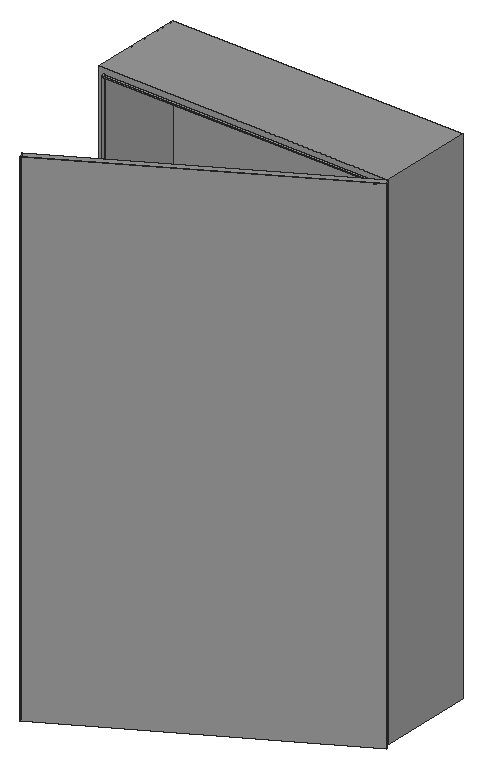
Revit family "Hager-Univers-IP55-D275-H1400-Cl.I-Steel_encl-NoHosted-PL-en", category Equipement électrique, Revit 2020
Family settings
  Configuration du panneau = Deux colonnes, circuits au sein
  Cote de connecteur circulaire = Utiliser le diamètre
  Type d'élément = Tableau de raccordement
  Basée sur le plan de construction = Oui
  Toujours verticalement = Oui
  Couper avec des vides une fois chargée = Non
  Partagée = Non
  Point de calcul de pièce = Non
Parameters (values of type "Surface mounted (plaster) IP55 W800 H1400 D275  - FR93E")
  Width Control [instance] = if([EF000008 - Width] > Min Width, [EF000008 - Width], Min Width)  # 800 mm
  Commentaires du type = [HG000003 - Range]  # "Univers"
  Thickness Door [instance] = if([EF009171 - Material plate thickness door/cover] > 3 mm, 3 mm, [EF009171 - Material plate thickness door/cover])  # 1.5 mm
  Seal Frame Offset [instance] = 17 mm  # constant formula
  Plinth Visibility [instance] = [HG000027 - Plinth height] > 0 mm  # no
  Min Width [instance] = 100 mm  # constant formula
  Min Depth [instance] = (2 * [EF009170 - Material plate thickness cabinet]) + 1 mm  # 4 mm
  Min Height [instance] = 100 mm  # constant formula
  Internal Frame Depth [instance] = (Door System Depth * 0.5)  # 9 mm
  Panel Name [instance] = ""  # (empty or 0)
  Model = ""
  HG000027 - Plinth height = 0 mm
  HG000026 - Floor standing = no
  HG000024 - Bottom section height = 600 mm
  HG000023 - Double section enclosure = no
  HG000016 - Door 3d visibility [instance] = yes
  HG000015 - Clearance visibility [instance] = no
  HG000014 - Door on the right [instance] = yes
  HG000013 - Door on the left [instance] = not([HG000014 - Door on the right])  # no
  HG000012 - Door swing angle [instance] = 30.00°
  HG000010 - Asymmetric doors = no
  HG000009 - Double swing door = no
  HG000006 - Flush mounted = no
  HG000004 - Manufacturer reference = "FR93E"
  HG000003 - Range = "Univers"
  HG000002 - With door or cover = yes
  Frame Offset Bottom [instance] = 10 mm  # constant formula
  Frame Offset [instance] = 15 mm  # constant formula
  EF015940 - Cover with overpressure release = no
  EF011959 - Degree of protection (NEMA) = ""
  EF009554 - Number of openings for flange plates = 6
  EF009212 - Cover model = "EV000116 - Closed"
  EF009171 - Material plate thickness door/cover = 1.5 mm
  EF009170 - Material plate thickness cabinet = 1.5 mm
  EF008873 - Nominal current (In) = 800 A
  EF007800 - Suitable for lightning protection = no
  EF006306 - With lock = no
  EF006244 - Transparent cover/door = no
  EF005474 - Degree of protection (IP) = "EV006420 - IP55"
  EF004464 - Type of door = "EV002646 - Single"
  EF004427 - Number of modules = 324
  EF004293 - Impact strength = "EV008784 - IK10"
  EF003532 - Suitable for outdoor use = no
  EF002950 - Width in number of modular spacings = 24
  EF001613 - Circuit integrity = "EV000494 - None"
  EF001596 - Material housing = "EV000179 - Steel"
  EF001131 - Internal depth = 275 mm
  EF001088 - Extension possible = yes
  EF000437 - Number of conduit inlets = 6
  EF000339 - Type of cover = "EV004216 - Door"
  EF000266 - Number of rows = 9
  EF000218 - Built-in depth = 0 mm
  EF000118 - With mounting plate = no
  EF000116 - RAL-number = "7035"
  EF000049 - Depth = 275 mm
  EF000040 - Height = 1400 mm
  EF000008 - Width = 800 mm
  EF000007 - Colour = "EV000270 - Grey"
  EF000003 - Mounting method = "EV000384 - Surface mounted (plaster)"
  Door System Leaf Tolerance [instance] = 1.5 mm  # constant formula
  Door System Depth [instance] = 18 mm  # constant formula
  Door Height [instance] = Height Control - [HG000027 - Plinth height]  # 1400 mm
  Description = ""
  Default Elevation = 1219.2 mm
  Connector Offset [instance] = Height Control / 2  # 700 mm
  Fabricant = "Hager"  # constant formula
  Height Control [instance] = if([EF000040 - Height] > Min Height, [EF000040 - Height], Min Height)  # 1400 mm
  Depth Control [instance] = if([EF000049 - Depth] > Min Depth, [EF000049 - Depth], Min Depth)  # 275 mm
  Bottom Top Plate Trim [instance] = 1.5 mm  # constant formula
  Plinth height Ctrl [instance] = if([HG000027 - Plinth height] > 0 mm, [HG000027 - Plinth height], 12 mm)  # 12 mm
Types (5, lengths in mm): name | Width Control | HG000010 - Asymmetric doors | HG000009 - Double swing door | HG000004 - Manufacturer reference | EF009554 - Number of openings for flange plates | EF004464 - Type of door | EF004427 - Number of modules | EF000437 - Number of conduit inlets | EF000008 - Width
  Surface mounted (plaster) IP55 W1050 H1400 D275  - FR94E | 1050 | no | yes | "FR94E" | 8 | "EV003602 - Double" | 432 | 8 | 1050
  Surface mounted (plaster) IP55 W1300 H1400 D275  - FR95E | 1300 | yes | yes | "FR95E" | 10 | "EV003602 - Double" | 540 | 10 | 1300
  Surface mounted (plaster) IP55 W300 H1400 D275  - FR91E | 300 | no | no | "FR91E" | 2 | "EV002646 - Single" | 108 | 2 | 300
  Surface mounted (plaster) IP55 W550 H1400 D275  - FR92E | 550 | no | no | "FR92E" | 4 | "EV002646 - Single" | 216 | 4 | 550
  Surface mounted (plaster) IP55 W800 H1400 D275  - FR93E | 800 | no | no | "FR93E" | 6 | "EV002646 - Single" | 324 | 6 | 800
Reference planes
  plane 1 "Center (Front/Back)": y = 0
  plane 2: z = 0
  plane 3 "Center (Left/Right)": x = 0
  plane 4: y = 0
  plane 5: y = 0
  plane 6: z = 0
  plane 7: x = -400
  plane 8: x = 400
  plane 9: x = 398.5
  plane 10: x = -398.5
  plane 11: z = 0
  plane 12: z = 1.5
  plane 13: y = -275
  plane 14: y = -1.5
  plane 15: x = 0
  plane 16: y = -257
  plane 17: y = -273.5
  plane 18: y = -255.5
  plane 19: x = -383.5
  plane 20: x = 383.5
  plane 21: z = 11.5
  plane 22: x = -383
  plane 23: x = 383
  plane 24: z = 0
  plane 25: z = 1400
  plane 26: z = 1400
  plane 27: z = 1383.5
  plane 28: z = 1398.5
Forms (mm)
  Extrusion 1, solid, material "Hager_Steel_RAL7035_Light_Grey", detail levels medium+fine
    sketch origin (-208.679, -4572, 0) x (-1, 0, 0) y (0, -1, 0)
      loop
        line (191.321, -4315) -> (-608.679, -4315) -> (-608.679, -4572) -> (191.321, -4572) -> (191.321, -4315)
    from 0 to 1400
  Extrusion 2, void
    sketch origin (-350.771, -275, 1219.2) x (1, 0, 0) y (0, 0, 1)
      loop
        line (-47.729, 179.3) -> (-47.729, -1217.7) -> (749.271, -1217.7) -> (749.271, 179.3) -> (-47.729, 179.3)
    from -19.5 to -273.5
  Extrusion 3, void
    sketch origin (-290.084, -257, 1219.2) x (1, 0, 0) y (0, 0, 1)
      loop
        line (-93.416, -1207.7) -> (673.584, -1207.7) -> (673.584, 164.3) -> (-93.416, 164.3) -> (-93.416, -1207.7)
    from 0 to -1.5
  Extrusion 4, solid, material "Hager_Steel_RAL7035_Light_Grey", visible <- "Plinth Visibility", detail levels medium+fine
    sketch origin (0, 0, 0) x (1, 0, 0) y (0, 1, 0)
      loop
        line (-400, 0) -> (-400, -257) -> (400, -257) -> (400, 0) -> (-400, 0)
    from 0 to 12 <- "Plinth height Ctrl"
  Extrusion 5, solid, material "Hager_Steel_RAL7035_Light_Grey", detail levels coarse
    sketch origin (0, 0, 0) x (1, 0, 0) y (0, 1, 0)
      loop
        line (-400, 0) -> (-400, -275) -> (400, -275) -> (400, 0) -> (-400, 0)
    from 0 to 1400 <- "Height Control"
  Sweep 6, void
    path in 3D
      loop
        line (-400, -257, 12) -> (400, -257, 12) -> (400, 0, 12) -> (-400, 0, 12) -> (-400, -257, 12)
    profile origin (-400, -128.5, 12) x (1, 0, 0) y (0, 0, 1)
      loop
        line (0, 0) -> (0, -1.5) -> (1.5, -1.5)
        arc (1.5, -1.5) -> (1.061, -0.439) -> (0, 0) r 1.5
  Extrusion 7, solid, material "Hager_Steel_RAL7035_Light_Grey", detail levels fine
    sketch origin (-400, -257, 0) x (1, 0, 0) y (0, 0, 1)
      loop
        line (16.5, 11.5) -> (783.5, 11.5) -> (783.5, 1383.5) -> (16.5, 1383.5) -> (16.5, 11.5)
      loop
        line (15, 10) -> (785, 10) -> (785, 1385) -> (15, 1385) -> (15, 10)
    from 0 to 9 <- "Internal Frame Depth"
Cuts and joins
  Extrusion 2, Extrusion 3 cuts Extrusion 1
  Sweep 6 cuts Extrusion 4
Lines and regions (mm)
  Masking region 1
    outline origin (0, 0, 0) x (1, 0, 0) y (0, 1, 0)
      loop
        line (-400, 0) -> (-400, -275) -> (400, -275) -> (400, 0) -> (-400, 0)
  Masking region 2, detail levels coarse
    outline origin (-290.084, -257, 1219.2) x (-1, 0, 0) y (0, 0, 1)
      loop
        line (-690.084, -1219.2) -> (109.916, -1219.2) -> (109.916, 180.8) -> (-690.084, 180.8) -> (-690.084, -1219.2)
  Masking region 3, detail levels coarse
    outline origin (0, 0, 0) x (0, 1, 0) y (0, 0, 1)
      loop
        line (0, 0) -> (0, 1400) -> (-275, 1400) -> (-275, 0) -> (0, 0)
  Masking region 4, visible <- "Plinth Visibility", detail levels medium+fine
    outline origin (0, 0, 0) x (0, 1, 0) y (0, 0, 1)
      loop
        line (-1.5, 12) -> (-255.5, 12)
        arc (-255.5, 12) -> (-255.939, 10.939) -> (-257, 10.5) r 1.5
        line (-257, 10.5) -> (-257, 0) -> (0, 0) -> (0, 10.5)
        arc (0, 10.5) -> (-1.061, 10.939) -> (-1.5, 12) r 1.5
  Masking region 5, detail levels medium+fine
    outline origin (0, 0, 594.038) x (0, 1, 0) y (0, 0, 1)
      loop
        line (0, -594.038) -> (0, 805.962) -> (-257, 805.962) -> (-257, -594.038) -> (0, -594.038)
  Masking region 6, detail levels medium+fine
    outline origin (-359.7, -257, 1211.883) x (-1, 0, 0) y (0, 0, 1)
      loop
        line (-759.7, -1211.883) -> (40.3, -1211.883) -> (40.3, 188.117) -> (-759.7, 188.117) -> (-759.7, -1211.883)
  Masking region 7, visible <- "Plinth Visibility", detail levels medium+fine
    outline origin (-320.334, -257, 1041.368) x (-1, 0, 0) y (0, 0, 1)
      loop
        line (-720.334, -1041.368) -> (79.666, -1041.368) -> (79.666, -1030.868)
        arc (79.666, -1030.868) -> (78.606, -1030.429) -> (78.166, -1029.368) r 1.5
        line (78.166, -1029.368) -> (-718.834, -1029.368)
        arc (-718.834, -1029.368) -> (-719.273, -1030.429) -> (-720.334, -1030.868) r 1.5
        line (-720.334, -1030.868) -> (-720.334, -1041.368)
  sketch lines
    curve 1: line (-400, 0, 12) -> (-400, -257, 12)
    curve 2: line (-400, -257, 12) -> (400, -257, 12)
    curve 3: line (400, 0, 12) -> (-400, 0, 12)
    curve 4: line (400, -257, 12) -> (400, 0, 12)
Dimensions and locks
  locked: plane 1 "Center (Front/Back)" to plane 5
  "EF009170 - Material plate thickness cabinet": plane 7 to plane 10
  "EF009170 - Material plate thickness cabinet": plane 8 to plane 9
  equal spacing: plane 7, plane 3 "Center (Left/Right)", plane 8
  "Width Control": plane 7 to plane 8
  "Depth Control": plane 4 to plane 13
  "EF009170 - Material plate thickness cabinet": plane 4 to plane 14
  "Height Control": plane 25 to level
  "HG000027 - Plinth height": plane 11 to level
  "EF009170 - Material plate thickness cabinet": plane 12 to plane 11
  "EF009170 - Material plate thickness cabinet": plane 17 to plane 13
  "EF009170 - Material plate thickness cabinet": plane 18 to plane 16
  "Frame Offset Bottom": plane 21 to plane 12
  "Frame Offset": plane 10 to plane 19
  "Frame Offset": plane 9 to plane 20
  "Door System Depth": plane 16 to plane 13
  "Seal Frame Offset": plane 7 to plane 22
  "Seal Frame Offset": plane 8 to plane 23
  "EF009170 - Material plate thickness cabinet": plane 26 to plane 28
  "Frame Offset": plane 28 to plane 27
  "Connector Offset": plane 2 to connector elem
  "Bottom Top Plate Trim": profile plane to Sweep 6 sketch curve
  "Bottom Top Plate Trim": Sweep 6 sketch curve to Sweep 6 sketch curve
  "Plinth height Ctrl": Masking region 4 sketch curve to level
  "Plinth height Ctrl": Masking region 7 sketch curve to level
  "Thickness Door": Extrusion 7 sketch curve to Extrusion 7 sketch curve  (x4)
  "Bottom Top Plate Trim": radius of Sweep 6 sketch curve
  "Bottom Top Plate Trim": radius of Masking region 4 sketch curve  (x2)
  "Bottom Top Plate Trim": radius of Masking region 7 sketch curve  (x2)
  aligned and locked: Extrusion 2 sketch curve to plane 12
  aligned and locked: Extrusion 2 sketch curve to plane 9
  aligned and locked: Extrusion 2 sketch curve to plane 10
  aligned and locked: Extrusion 2 to plane 14
  aligned and locked: Extrusion 1 sketch curve to plane 4
  aligned and locked: plane 8 to Extrusion 1 sketch curve
  aligned and locked: plane 7 to Extrusion 1 sketch curve
  aligned and locked: Extrusion 2 to plane 18
  aligned and locked: Extrusion 3 sketch curve to plane 19
  aligned and locked: plane 20 to Extrusion 3 sketch curve
  aligned and locked: Extrusion 3 to Extrusion 2
  aligned and locked: Extrusion 3 sketch curve to plane 21
  aligned and locked: plane 3 "Center (Left/Right)" to nested 1
  aligned and locked: Extrusion 1 sketch curve to plane 16
  aligned and locked: Extrusion 4 sketch curve to cut or joined group of Extrusion 1, Extrusion 2, Extrusion 3
  aligned and locked: Masking region 1 sketch curve to plane 7
  aligned and locked: Masking region 1 sketch curve to plane 5
  aligned and locked: Masking region 1 sketch curve to plane 8
  aligned and locked: Masking region 2 sketch curve to level
  aligned and locked: level to Masking region 3 sketch curve
  aligned and locked: plane 1 "Center (Front/Back)" to Masking region 3 sketch curve
  aligned and locked: plane 13 to Masking region 3 sketch curve
  aligned and locked: plane 5 to Masking region 4 sketch curve
  aligned and locked: Masking region 2 sketch curve to plane 8
  aligned and locked: Masking region 2 sketch curve to plane 7
  aligned and locked: plane 7 to nested 2
  aligned and locked: nested 2 to plane 5
  aligned and locked: plane 5 to Masking region 5 sketch curve
  aligned and locked: plane 26 to Masking region 5 sketch curve
  aligned and locked: Extrusion 5 sketch curve to plane 8
  aligned and locked: Extrusion 5 sketch curve to plane 7
  aligned and locked: Extrusion 5 sketch curve to plane 5
  aligned and locked: Extrusion 3 sketch curve to plane 27
  aligned and locked: Extrusion 2 sketch curve to plane 28
  aligned and locked: Masking region 2 to plane 25
  aligned and locked: Extrusion 4 to plane 16
  aligned and locked: profile plane to Sweep 6 sketch curve
  aligned and locked: Masking region 5 sketch curve to plane 24
  aligned and locked: level to Masking region 4 sketch curve
  aligned and locked: Masking region 1 to plane 13
  aligned and locked: nested 1 to plane 16
  aligned and locked: Masking region 3 to plane 25
  aligned and locked: plane 16 to Masking region 4 sketch curve
  aligned and locked: Masking region 5 sketch curve to plane 16
  aligned and locked: plane 24 to plane 11
  aligned and locked: plane 26 to plane 25
  aligned and locked: plane 26 to cut or joined group of Extrusion 1, Extrusion 2, Extrusion 3
  aligned and locked: nested 1 to plane 24
  aligned and locked: Extrusion 1 to Extrusion 3
  aligned and locked: Masking region 6 sketch curve to plane 8
  aligned and locked: Masking region 6 sketch curve to plane 24
  aligned and locked: Masking region 6 sketch curve to plane 7
  aligned and locked: Masking region 6 sketch curve to plane 26
  aligned and locked: Masking region 7 sketch curve to plane 7
  aligned and locked: level to Masking region 7 sketch curve
  aligned and locked: Masking region 7 sketch curve to plane 8
  aligned and locked: Extrusion 7 sketch curve to cut or joined group of Extrusion 1, Extrusion 2, Extrusion 3  (x4)
Automatic sketch dimensions
  plane 19 to Extrusion 3 sketch curve = 0 mm
  Extrusion 3 sketch curve to plane 20 = 0 mm
  Extrusion 3 sketch curve to plane 21 = 0 mm
  Extrusion 4 sketch curve to plane 7 = 0 mm
  Extrusion 4 sketch curve to plane 8 = 0 mm
  Extrusion 4 sketch curve to plane 16 = 0 mm
  Masking region 1 sketch curve to plane 13 = 0 mm
  Masking region 2 sketch curve to plane 25 = 0 mm
  Masking region 3 sketch curve to plane 25 = 0 mm
  Extrusion 5 sketch curve to plane 13 = 0 mm
  profile plane to Sweep 6 sketch curve = 0 mm
Nested families
  nested 1: "EC000058_Univers_Door" at (0, -257, 0), Double <- "HG000009 - Double swing door", Transparent <- "EF006244 - Transparent cover/door", Angle <- "HG000012 - Door swing angle", Door_Right <- "HG000014 - Door on the right", Assymetrical <- "HG000010 - Asymmetric doors", Door <- "HG000002 - With door or cover", Width_Ctrl <- "Width Control", 3d_Door <- "HG000016 - Door 3d visibility", Clearance <- "HG000015 - Clearance visibility", Door_Left <- "HG000013 - Door on the left", Width <- "Width Control", Door_Depth <- "Door System Depth", Leaf_Tolerance <- "Door System Leaf Tolerance", Height <- "Door Height", Lock_Visibility <- "EF006306 - With lock", Thickness <- "Thickness Door", type "EC000058_Univers_Door", detail levels medium+fine
    with min_wh 4 mm, Width_Ctrl 800 mm, Width 800 mm, Transparent no, Thickness 1.5 mm, Seal_Material Hager_Rubber, Lock_Visibility no, Lock_Material Hager_Plastic_RAL9005_Jet_Black, Leaf_Width 800 mm, Leaf_Tolerance_External_Sides 0 mm, Leaf_Tolerance 1.5 mm, Leaf_Offset 0 mm, Leaf_Height 1397 mm, Leaf_2_Width 800 mm, Leaf_2_Offset 400 mm, Leaf_1_Width 800 mm, Leaf_1_Offset 400 mm, Height_Ctrl 1400 mm, Height 1400 mm, Glass_Material Hager_Glass, Double_Clearance_Ctrl no, Double no, Door_Right_Ctrl yes, Door_Right yes, Door_Material Hager_Steel_RAL7035_Light_Grey, Door_Left_Ctrl no, Door_Left no, Door_Depth 18 mm, Door yes, Clearance_Material Hager_Clearance, Clearance_Depth 800 mm, Clearance_Ctrl no, Clearance no, Assymetrical no, Angle 30.00°, 3d_Door yes
  nested 2: "Hager_Enclosure_Symbol" at (-400, 0, 0), Height <- "Depth Control", Width <- "Width Control", type "Hager_Enclosure_Symbol"
    with Width_Ctrl 800 mm, Width 800 mm, Height_Ctrl 275 mm, Height 275 mm, A_Width_Int 18.047 mm, A_Width 216.562 mm, A_Height_Ctrl 240.625 mm, A_Height 240.625 mm
Connectors
  electrical at (0, 0, 700)
    settings: on plane 1 "Center (Front/Back)", index 1, voltage 0 V, apparent load 0 VA, apparent load phase1 0 VA, apparent load phase2 0 VA, apparent load phase3 0 VA, power factor 1, load classification "Other", number of poles 1, system type 30, power factor state 1, is connector primary yes, connector utility no, sub classification motor no, connector description ""
Definition of nested family "EC000058_Univers_Door"
  Parameters (values of type "EC000058_Univers_Door")
    min_wh [instance] = (2 * Thickness) + 1 mm  # 11 mm
    Width_Ctrl [instance] = 400 mm
    Width [instance] = 500 mm
    Transparent [instance] = yes
    Thickness [instance] = 5 mm
    Seal_Material [instance] = none
    Lock_Visibility [instance] = yes
    Lock_Material [instance] = none
    Leaf_Width [instance] = if((Width_Ctrl - 2 * Leaf_Tolerance_External_Sides) > 0 mm, (Width_Ctrl - 2 * Leaf_Tolerance_External_Sides), min_wh)  # 400 mm
    Leaf_Tolerance_External_Sides [instance] = 0 mm  # constant formula
    Leaf_Tolerance [instance] = 1.5 mm
    Leaf_Offset [instance] = 0 mm  # constant formula
    Leaf_Height [instance] = if((Height_Ctrl - 2 * Leaf_Tolerance) > 0 mm, (Height_Ctrl - 2 * Leaf_Tolerance), min_wh)  # 497 mm
    Leaf_2_Width [instance] = if(and(and(Double, Assymetrical), Door_Left), (Leaf_Width / 3) - (Leaf_Tolerance / 2), if(and(and(Double, Assymetrical), Door_Right), (Leaf_Width / 3) * 2 - (Leaf_Tolerance / 2), if(and(Double, not(Assymetrical)), (Leaf_Width / 2) - Leaf_Tolerance, Leaf_Width)))  # 400 mm
    Leaf_2_Offset [instance] = if(and(Double, Assymetrical), Leaf_2_Width / 2, if(and(Double, not(Assymetrical)), Leaf_Width / 4, Leaf_Width / 2))  # 200 mm
    Leaf_1_Width [instance] = if(and(and(Double, Assymetrical), Door_Right), (Leaf_Width / 3) - (Leaf_Tolerance / 2), if(and(and(Double, Assymetrical), Door_Left), (Width / 3) * 2 - (Leaf_Tolerance / 2), if(and(Double, not(Assymetrical)), (Leaf_Width / 2) - Leaf_Tolerance, Leaf_Width)))  # 400 mm
    Leaf_1_Offset [instance] = if(and(Double, Assymetrical), Leaf_1_Width / 2, if(and(Double, not(Assymetrical)), Leaf_Width / 4, Leaf_Width / 2))  # 200 mm
    Height_Ctrl [instance] = if(Height > min_wh, Height, min_wh)  # 500 mm
    Height [instance] = 500 mm
    Glass_Material [instance] = none
    Double_Clearance_Ctrl [instance] = and(Double, Clearance)  # no
    Double [instance] = no
    Door_Right_Ctrl [instance] = and(or(Door_Right, Double), Door)  # yes
    Door_Right [instance] = yes
    Door_Material [instance] = none
    Door_Left_Ctrl [instance] = and(or(Door_Left, Double), Door)  # no
    Door_Left [instance] = no
    Door_Depth [instance] = 30 mm
    Door [instance] = yes
    Default Elevation = 1219.2 mm
    Clearance_Material [instance] = none
    Clearance_Depth [instance] = if(Leaf_1_Width > Leaf_2_Width, Leaf_1_Width, Leaf_2_Width)  # 400 mm
    Clearance_Ctrl [instance] = and(not(Double), Clearance)  # yes
    Clearance [instance] = yes
    Assymetrical [instance] = yes
    Angle [instance] = 30.00°
    3d_Door [instance] = yes
  Reference planes
    plane 1 "Center (Front/Back)": y = 0
    plane 2 "Bottom": z = 0
    plane 3 "Center (Left/Right)": x = 0
    plane 4: z = 500
    plane 5: x = -200
    plane 6: x = 200
    plane 7: z = 500
    plane 8: x = -200
    plane 9: z = 0
    plane 10: x = 200
    plane 11: y = 0
    plane 12: z = 1.5
    plane 13: x = -600
    plane 14: y = -400
    plane 15: x = 600
    plane 16: x = 0
    plane 17: x = 0
    plane 18: x = -200
    plane 19: x = 200
    plane 20: z = 498.5
  Forms (mm)
    Extrusion 1, solid, material <- "Clearance_Material", visible <- "Double_Clearance_Ctrl"
      sketch origin (1200, 0, 0) x (1, 0, 0) y (0, 0, -1)
        loop
          line (-1800, -498.5) -> (-600, -498.5) -> (-600, 0) -> (-1800, 0) -> (-1800, -498.5)
      from 0 to -400
  Dimensions and locks
    equal spacing: plane 5, plane 3 "Center (Left/Right)", plane 6
    "Width_Ctrl": plane 5 to plane 6
    "Leaf_Offset": plane 5 to plane 8
    "Leaf_Offset": plane 6 to plane 10
    "Leaf_Offset": plane 9 to level
    "Leaf_Offset": plane 4 to plane 7
    "Height_Ctrl": plane 4 to level
    "Leaf_Tolerance": plane 12 to plane 9
    locked: plane 11 to plane 1 "Center (Front/Back)"
    "Leaf_1_Offset": plane 18 to plane 16
    "Leaf_2_Offset": plane 17 to plane 19
    "Leaf_1_Width": plane 13 to plane 8
    "Leaf_2_Width": plane 10 to plane 15
    "Clearance_Depth": plane 14 to plane 1 "Center (Front/Back)"
    "Leaf_Tolerance_External_Sides": plane 8 to plane 18
    "Leaf_Tolerance_External_Sides": plane 19 to plane 10
    "Leaf_Tolerance": plane 7 to plane 20
    aligned and locked: level to plane 2 "Bottom"
    aligned and locked: nested 1 to plane 16
    aligned and locked: nested 2 to plane 17
    aligned and locked: Extrusion 1 to plane 13
    aligned and locked: plane 15 to Extrusion 1
    aligned and locked: Extrusion 1 to plane 14
    aligned and locked: plane 12 to nested 1
    aligned and locked: nested 2 to plane 12
    aligned and locked: Extrusion 1 to plane 11
    aligned and locked: plane 20 to Extrusion 1
    aligned and locked: nested 2 to plane 11
    aligned and locked: nested 1 to plane 11
  Automatic sketch dimensions
    Extrusion 1 sketch curve to level = 0 mm
    plane 5 to Extrusion 1 sketch curve = 400 mm
    plane 6 to Extrusion 1 sketch curve = 400 mm
    Extrusion 1 sketch curve to plane 4 = 1.5 mm
  Nested families
    nested 1: "EC000058_Univers_Door_Leaf" at (0, 0, 1.5), Width <- "Leaf_1_Width", visible <- "Door_Left_Ctrl", Leaf_Height <- "Leaf_Height", Angle <- "Angle", 3d_Door <- "3d_Door", Transparent <- "Transparent", Clearance Material <- "Clearance_Material", Clearance <- "Clearance_Ctrl", Door_Material <- "Door_Material", Glass_Material <- "Glass_Material", Door_Depth <- "Door_Depth", Lock_Material <- "Lock_Material", Seal_Material <- "Seal_Material", Lock_Visibility <- "Lock_Visibility", Thickness <- "Thickness", type "EC000058_Univers_Door_Leaf"
      with Width 400 mm, Transparent_Glass_Offset 30 mm, Transparent_Ctrl yes, Transparent yes, Thickness 5 mm, Standard no, Seal_Material none, Seal_D2 8 mm, Seal_D1 1 mm, Offset_Internal_Frame 10 mm, Lock_Width 20 mm, Lock_Visibility_3d yes, Lock_Visibility yes, Lock_Thickness_3 3 mm, Lock_Thickness_2 1 mm, Lock_Thickness_1 3 mm, Lock_Radius_Offset_2 16 mm, Lock_Radius_Offset_1 15 mm, Lock_Radius_2 5 mm, Lock_Radius 6 mm, Lock_Offset 5 mm, Lock_Material none, Lock_Height 80 mm, Lock_Cover_Top_Offset_2d 17 mm, Lock_Cover_Height -65 mm, Leaf_Height 497 mm, Internal_Seal_Thickness 8 mm, Internal_Seal_Depth_2 4.5 mm, Internal_Frame_Depth 25 mm, Glass_Thickness -1 mm, Glass_Offset -2 mm, Glass_Material none, Door_Material none, Door_Depth 30 mm, Clearance Material none, Clearance yes, Angle_Ctrl 30.00°, Angle 30.00°, 3d_Door yes
    nested 2: "EC000058_Univers_Door_Leaf" at (0, 0, 1.5) x (-1, 0, 0) z (0, 0, 1), Width <- "Leaf_2_Width", visible <- "Door_Right_Ctrl", Leaf_Height <- "Leaf_Height", Angle <- "Angle", 3d_Door <- "3d_Door", Transparent <- "Transparent", Clearance Material <- "Clearance_Material", Clearance <- "Clearance_Ctrl", Door_Material <- "Door_Material", Glass_Material <- "Glass_Material", Door_Depth <- "Door_Depth", Lock_Material <- "Lock_Material", Seal_Material <- "Seal_Material", Lock_Visibility <- "Lock_Visibility", Thickness <- "Thickness", type "EC000058_Univers_Door_Leaf"
      with Width 400 mm, Transparent_Glass_Offset 30 mm, Transparent_Ctrl yes, Transparent yes, Thickness 5 mm, Standard no, Seal_Material none, Seal_D2 8 mm, Seal_D1 1 mm, Offset_Internal_Frame 10 mm, Lock_Width 20 mm, Lock_Visibility_3d yes, Lock_Visibility yes, Lock_Thickness_3 3 mm, Lock_Thickness_2 1 mm, Lock_Thickness_1 3 mm, Lock_Radius_Offset_2 16 mm, Lock_Radius_Offset_1 15 mm, Lock_Radius_2 5 mm, Lock_Radius 6 mm, Lock_Offset 5 mm, Lock_Material none, Lock_Height 80 mm, Lock_Cover_Top_Offset_2d 17 mm, Lock_Cover_Height -65 mm, Leaf_Height 497 mm, Internal_Seal_Thickness 8 mm, Internal_Seal_Depth_2 4.5 mm, Internal_Frame_Depth 25 mm, Glass_Thickness -1 mm, Glass_Offset -2 mm, Glass_Material none, Door_Material none, Door_Depth 30 mm, Clearance Material none, Clearance yes, Angle_Ctrl 30.00°, Angle 30.00°, 3d_Door yes
  Definition of nested family "EC000058_Univers_Door_Leaf"
    Parameters (values of type "EC000058_Univers_Door_Leaf")
      Width [instance] = 2000 mm
      Transparent_Glass_Offset [instance] = 30 mm
      Transparent_Ctrl [instance] = and(Transparent, [3d_Door])  # yes
      Transparent [instance] = yes
      Thickness [instance] = 5 mm
      Standard [instance] = and(not(Transparent), [3d_Door])  # no
      Seal_Material [instance] = none
      Seal_D2 [instance] = 8 mm  # constant formula
      Seal_D1 [instance] = 1 mm  # constant formula
      Offset_Internal_Frame [instance] = 10 mm  # constant formula
      Lock_Width [instance] = 20 mm  # constant formula
      Lock_Visibility_3d [instance] = and(Lock_Visibility, [3d_Door])  # yes
      Lock_Visibility [instance] = yes
      Lock_Thickness_3 [instance] = 3 mm  # constant formula
      Lock_Thickness_2 [instance] = 1 mm  # constant formula
      Lock_Thickness_1 [instance] = 3 mm  # constant formula
      Lock_Radius_Offset_2 [instance] = Lock_Radius_Offset_1 + 1 mm  # 16 mm
      Lock_Radius_Offset_1 [instance] = 15 mm  # constant formula
      Lock_Radius_2 [instance] = Lock_Radius - 1 mm  # 5 mm
      Lock_Radius [instance] = 6 mm  # constant formula
      Lock_Offset [instance] = 5 mm  # constant formula
      Lock_Material [instance] = none
      Lock_Height [instance] = 80 mm  # constant formula
      Lock_Cover_Top_Offset_2d [instance] = Lock_Radius_Offset_2 + 1 mm  # 17 mm
      Lock_Cover_Height [instance] = -(Lock_Height - Lock_Radius_Offset_1)  # -65 mm
      Leaf_Height [instance] = 2720.336 mm
      Internal_Seal_Thickness [instance] = 8 mm  # constant formula
      Internal_Seal_Depth_2 [instance] = 4.5 mm  # constant formula
      Internal_Frame_Depth [instance] = if(Door_Depth - Thickness > 5 mm, Door_Depth - Thickness, 5 mm)  # 25 mm
      Glass_Thickness [instance] = if(Thickness > 15 mm, Glass_Offset + 10 mm, -1 mm)  # -1 mm
      Glass_Offset [instance] = if(Thickness > 15 mm, -(Thickness + 10 mm) / 2, -2 mm)  # -2 mm
      Glass_Material [instance] = none
      Door_Material [instance] = none
      Door_Depth [instance] = 30 mm
      Default Elevation = 0 mm
      Clearance Material [instance] = none
      Clearance [instance] = yes
      Angle_Ctrl [instance] = if(Angle > 180.00°, 180.00°, Angle)  # 90.00°
      Angle [instance] = 90.00°
      3d_Door [instance] = yes
    Reference planes
      plane 1 "Center (Front/Back)": y = 0
      plane 2: z = 0
      plane 3 "Center (Left/Right)": x = 0
      plane 4: y = 2000
      plane 5: x = -1000
      plane 6: x = 1000
      plane 7: x = -3000
      plane 8: z = 2720.336
      plane 9: z = 30
      plane 10: z = 2690.336
      plane 11: x = 970
      plane 12: x = -970
      plane 13: y = -3
      plane 14: z = 107.833
      plane 15: y = -5
      plane 16: y = -223.314
      plane 17: x = -1000
      plane 18: z = 1360.168
      plane 19: y = 30
    Forms (mm)
      Extrusion 1, solid, material <- "Clearance Material", visible <- "Clearance"
        sketch origin (0, 0, 0) x (1, 0, 0) y (0, 0, 1)
          loop
            line (-3000, 2720.336) -> (-3000, 0) -> (1000, 0) -> (1000, 2720.336) -> (-3000, 2720.336)
        from 0 to -2000
      Extrusion 2, solid, material <- "Door_Material", visible <- "Standard", detail levels medium+fine
        sketch origin (-1000, 0, 0) x (0, 1, 0) y (-1, 0, 0)
          loop
            line (0, 30) -> (0, 25) -> (2000, 25) -> (2000, 30) -> (0, 30)
        from 0 to 2720.336 <- "Leaf_Height"
      Extrusion 3, solid, material <- "Door_Material", visible <- "Transparent_Ctrl", detail levels medium+fine
        sketch origin (-1000, 0, 0) x (0, 1, 0) y (-1, 0, 0)
          loop
            line (0, 25) -> (2000, 25) -> (2000, 30) -> (0, 30) -> (0, 25)
        from 0 to 2720.336 <- "Leaf_Height"
      Extrusion 4, void
        sketch origin (-1025, 2000, 0) x (0, 1, 0) y (0, 0, -1)
          loop
            line (-30, -2690.336) -> (-30, -30) -> (-1970, -30) -> (-1970, -2690.336) -> (-30, -2690.336)
        from 0 to 5 <- "Thickness"
      Sweep 5, solid, material <- "Seal_Material", visible <- "Transparent_Ctrl", detail levels fine
        path in 3D
          loop
            line (-1025, 30, 30) -> (-1025, 30, 2690.336) -> (-1025, 1970, 2690.336) -> (-1025, 1970, 30) -> (-1025, 30, 30)
        profile origin (-1025, 1000, 30) x (1, 0, 0) y (0, 0, 1)
          loop
            line (0, 0) -> (0, -8) -> (1, -8) -> (1, 0) -> (0, 0)
      Extrusion 6, solid, material <- "Glass_Material", visible <- "Transparent_Ctrl", detail levels medium+fine
        sketch origin (-1030, 0, 0) x (0, 1, 0) y (0, 0, -1)
          loop
            line (1970, -2690.336) -> (1970, -30) -> (30, -30) -> (30, -2690.336) -> (1970, -2690.336)
        from -2 <- "Glass_Offset" to -1 <- "Glass_Thickness"
      Extrusion 7, solid, material <- "Door_Material", visible <- "3d_Door", detail levels medium+fine
        sketch origin (-1025, 2000, 0) x (0, -1, 0) y (0, 0, -1)
          loop
            line (0, -2720.336) -> (2000, -2720.336) -> (2000, 0) -> (0, 0) -> (0, -2720.336)
          loop
            line (1995, -5) -> (5, -5) -> (5, -2715.336) -> (1995, -2715.336) -> (1995, -5)
        from 0 to 25 <- "Internal_Frame_Depth"
      Sweep 8, solid, material <- "Seal_Material", visible <- "Transparent_Ctrl", detail levels fine
        path in 3D
          loop
            line (-1025, 0, 0) -> (-1025, 2000, 0) -> (-1025, 2000, 2720.336) -> (-1025, 0, 2720.336) -> (-1025, 0, 0)
        profile origin (-1025, 0, 1360.168) x (1, 0, 0) y (0, 1, 0)
          loop
            line (0, 10) -> (2.975, 10)
            arc (2.975, 10) -> (4.053, 10.447) -> (4.5, 11.525) r 1.525
            line (4.5, 11.525) -> (4.5, 16.527)
            arc (4.5, 16.527) -> (4.069, 17.569) -> (3.027, 18) r 1.473
            line (3.027, 18) -> (0, 18) -> (0, 10)
      Extrusion 9, solid, material <- "Lock_Material", visible <- "Lock_Visibility_3d", detail levels fine
        sketch origin (-1030, 0, 0) x (0, 1, 0) y (0, 0, -1)
          loop
            arc (1993.5, -1400.168) -> (1994.561, -1399.729) -> (1995, -1398.668) r 1.5
            line (1995, -1398.668) -> (1995, -1320.168) -> (1975, -1320.168) -> (1975, -1398.668)
            arc (1975, -1398.668) -> (1975.439, -1399.729) -> (1976.5, -1400.168) r 1.5
            line (1976.5, -1400.168) -> (1993.5, -1400.168)
        from 3 <- "Lock_Thickness_1" to 0
      Blend 10, solid, material <- "Lock_Material", visible <- "Lock_Visibility_3d", detail levels fine
        base sketch origin (-1033, 0, 0) x (0, 1, 0) y (0, 0, -1)
          loop
            line (1975, -1320.168) -> (1975, -1398.668)
            arc (1975, -1398.668) -> (1975.439, -1399.729) -> (1976.5, -1400.168) r 1.5
            line (1976.5, -1400.168) -> (1993.5, -1400.168)
            arc (1993.5, -1400.168) -> (1994.561, -1399.729) -> (1995, -1398.668) r 1.5
            line (1995, -1398.668) -> (1995, -1320.168) -> (1975, -1320.168)
        top sketch origin (-1033, 0, 0) x (0, 1, 0) y (0, 0, -1)
          loop
            line (1976, -1320.168) -> (1976, -1398.668)
            arc (1976, -1398.668) -> (1976.146, -1399.022) -> (1976.5, -1399.168) r 0.5
            line (1976.5, -1399.168) -> (1993.5, -1399.168)
            arc (1993.5, -1399.168) -> (1993.854, -1399.022) -> (1994, -1398.668) r 0.5
            line (1994, -1398.668) -> (1994, -1320.168) -> (1976, -1320.168)
        from 0 to 1 <- "Lock_Thickness_2"
      Blend 11, solid, material <- "Lock_Material", visible <- "Lock_Visibility_3d", detail levels fine
        base sketch origin (-1034, 0, 0) x (0, 1, 0) y (0, 0, -1)
          loop
            line (1978, -1320.168) -> (1978, -1384.168)
            arc (1978, -1384.168) -> (1985, -1391.168) -> (1992, -1384.168) r 7
            line (1992, -1384.168) -> (1992, -1320.168) -> (1978, -1320.168)
        top sketch origin (-1034, 0, 0) x (0, 1, 0) y (0, 0, -1)
          loop
            line (1991, -1320.168) -> (1979, -1320.168) -> (1979, -1383.168)
            arc (1979, -1383.168) -> (1985, -1389.168) -> (1991, -1383.168) r 6
            line (1991, -1383.168) -> (1991, -1320.168)
        from 0 to 3 <- "Lock_Thickness_3"
      Extrusion 12, solid, material <- "Lock_Material", visible <- "Lock_Visibility_3d", detail levels fine
        sketch origin (-1030, 1975, 1320.168) x (1, 0, 0) y (0, -1, 0)
          loop
            line (-7, -19) -> (-7, -1) -> (0, -1) -> (0, 0) -> (-8, 0) -> (-8, -20) -> (0, -20) -> (0, -19) -> (-7, -19)
        from 0 to -65 <- "Lock_Cover_Height"
      Extrusion 13, void
        sketch origin (-1038, 1995, 1320.168) x (-1, 0, 0) y (0, 0, -1)
          loop
            line (-5, -65) -> (0, -65) -> (-5, -60) -> (-5, -65)
        from 0 to 20 <- "Lock_Width"
      Extrusion 14, void
        sketch origin (-1038, 1975, 1320.168) x (0, -1, 0) y (0, 0, -1)
          loop
            circle (-10, -15.995) r 6
          loop
            circle (-10, -15.995) r 5
        from 0 to 2
      Extrusion 15, solid, material <- "Lock_Material", visible <- "Lock_Visibility_3d", detail levels medium
        sketch origin (-1030, 0, 0) x (0, 1, 0) y (0, 0, -1)
          loop
            arc (1993.5, -1400.168) -> (1994.561, -1399.729) -> (1995, -1398.668) r 1.5
            line (1995, -1398.668) -> (1995, -1320.168) -> (1975, -1320.168) -> (1975, -1398.668)
            arc (1975, -1398.668) -> (1975.439, -1399.729) -> (1976.5, -1400.168) r 1.5
            line (1976.5, -1400.168) -> (1993.5, -1400.168)
        from 8 to 0
    Cuts and joins
      Extrusion 4 cuts Extrusion 3
      Extrusion 13, Extrusion 14 cuts Extrusion 9
      Extrusion 14 cuts Blend 11
      Extrusion 13, Extrusion 14 cuts Extrusion 12
      joined: Extrusion 9, Blend 10, Blend 11, Extrusion 12
      Extrusion 14 cuts Extrusion 15
    Lines and regions (mm)
      Masking region 1, visible <- "Lock_Visibility", detail levels fine
        outline origin (0, 0, 0) x (0, 1, 0) y (0, 0, 1)
          loop
            line (30, 1320.168) -> (33, 1320.168) -> (33, 1400.168) -> (30, 1400.168) -> (30, 1320.168)
      Masking region 2, visible <- "Lock_Visibility", detail levels fine
        outline origin (0, 3.143, 0) x (0, 1, 0) y (0, 0, 1)
          loop
            line (29.857, 1354.168) -> (30.857, 1354.168) -> (30.857, 1366.168) -> (29.857, 1366.168) -> (29.857, 1354.168)
      Masking region 3, detail levels medium+fine
        outline origin (0, 0, 0) x (0, 1, 0) y (0, 0, 1)
          loop
            line (0, 0) -> (30, 0) -> (30, 2720.336) -> (0, 2720.336) -> (0, 0)
      Masking region 4, detail levels medium+fine
        outline origin (0, 0, 0) x (1, 0, 0) y (0, 0, 1)
          loop
            line (-1000, 2720.336) -> (-1000, 0) -> (1000, 0) -> (1000, 2720.336) -> (-1000, 2720.336)
      Masking region 5, visible <- "Lock_Visibility", detail levels fine
        outline origin (-47.116, 0, 0) x (1, 0, 0) y (0, 0, 1)
          loop
            arc (1024.616, 1399.168) -> (1023.556, 1398.729) -> (1023.116, 1397.668) r 1.5
            line (1023.116, 1397.668) -> (1023.116, 1320.168) -> (1041.116, 1320.168) -> (1041.116, 1397.668)
            arc (1041.116, 1397.668) -> (1040.677, 1398.729) -> (1039.616, 1399.168) r 1.5
            line (1039.616, 1399.168) -> (1024.616, 1399.168)
      Masking region 6, visible <- "Lock_Visibility", detail levels medium+fine
        outline origin (-25, 0, 0) x (1, 0, 0) y (0, 0, 1)
          loop
            arc (1001.5, 1400.168) -> (1000.439, 1399.729) -> (1000, 1398.668) r 1.5
            line (1000, 1398.668) -> (1000, 1320.168) -> (1020, 1320.168) -> (1020, 1398.668)
            arc (1020, 1398.668) -> (1019.561, 1399.729) -> (1018.5, 1400.168) r 1.5
            line (1018.5, 1400.168) -> (1001.5, 1400.168)
      Masking region 7, visible <- "Lock_Visibility", detail levels fine
        outline origin (-73.735, 0, 0) x (1, 0, 0) y (0, 0, 1)
          loop
            line (1051.735, 1382.168) -> (1065.735, 1382.168) -> (1065.735, 1384.168)
            arc (1065.735, 1384.168) -> (1058.735, 1391.168) -> (1051.735, 1384.168) r 7
            line (1051.735, 1384.168) -> (1051.735, 1382.168)
      Masking region 8, visible <- "Lock_Visibility", detail levels fine
        outline origin (-73.735, 0, 0) x (1, 0, 0) y (0, 0, 1)
          loop
            line (1052.735, 1382.168) -> (1064.735, 1382.168) -> (1064.735, 1383.168)
            arc (1064.735, 1383.168) -> (1058.735, 1389.168) -> (1052.735, 1383.168) r 6
            line (1052.735, 1383.168) -> (1052.735, 1382.168)
      Masking region 9, visible <- "Lock_Visibility", detail levels fine
        outline origin (-25, 0, 0) x (1, 0, 0) y (0, 0, 1)
          loop
            line (1020, 1320.168) -> (1020, 1382.168) -> (1000, 1382.168) -> (1000, 1320.168) -> (1020, 1320.168)
      Masking region 10, detail levels medium+fine
        outline origin (0, 0, 0) x (1, 0, 0) y (0, 0, 1)
          loop
            circle (985, 1335.144) r 6
      Masking region 11, detail levels fine
        outline origin (0, 0, 0) x (1, 0, 0) y (0, 0, 1)
          loop
            circle (985, 1335.144) r 5
      Masking region 12, visible <- "Lock_Visibility", detail levels fine
        outline origin (0, 12.767, 0) x (0, 1, 0) y (0, 0, 1)
          loop
            line (20.233, 1320.168) -> (21.233, 1320.168) -> (21.233, 1399.168) -> (20.233, 1400.168) -> (20.233, 1320.168)
      Masking region 13, visible <- "Lock_Visibility", detail levels fine
        outline origin (0, 13.767, -10) x (0, 1, 0) y (0, 0, 1)
          loop
            line (20.233, 1330.168) -> (23.233, 1330.168) -> (23.233, 1399.168) -> (20.233, 1402.168) -> (20.233, 1330.168)
      Masking region 14, visible <- "Lock_Visibility", detail levels fine
        outline origin (0, 12.767, -10) x (0, 1, 0) y (0, 0, 1)
          loop
            line (20.233, 1330.168) -> (25.233, 1330.168) -> (25.233, 1399.305) -> (20.233, 1394.305) -> (20.233, 1330.168)
      Masking region 15, visible <- "Lock_Visibility", detail levels medium
        outline origin (0, 0, 0) x (0, 1, 0) y (0, 0, 1)
          loop
            line (30, 1320.168) -> (38, 1320.168) -> (38, 1400.168) -> (30, 1400.168) -> (30, 1320.168)
      Masking region 16, visible <- "Lock_Visibility", detail levels fine
        outline origin (-1000, 0, 0) x (0, 1, 0) y (-1, 0, 0)
          loop
            line (1975, 30) -> (1995, 30) -> (1995, 38) -> (1975, 38) -> (1975, 30)
          loop
            line (1979, 37) -> (1976, 37) -> (1976, 34) -> (1978, 34) -> (1979, 37)
          loop
            line (1994, 37) -> (1991, 37) -> (1992, 34) -> (1994, 34) -> (1994, 37)
      Masking region 17, visible <- "Lock_Visibility", detail levels medium
        outline origin (-1000, 0, 0) x (0, 1, 0) y (-1, 0, 0)
          loop
            line (1975, 30) -> (1995, 30) -> (1995, 38) -> (1975, 38) -> (1975, 30)
      symbolic lines
        curve 1: line (1000, 0, 0) -> (-3000, 0, 0)
        curve 2: arc (1000, 0, 0) -> (-1000, 2000, 0) -> (-3000, 0, 0) r 2000
        curve 4: line (-1030, 0, 0) -> (-1030, 2000, 0)
      reference lines
        curve 3: line (-1000, 0, 0) -> (-1000, 2000, 0)
      symbolic lines, detail levels medium+fine
        curve 5: line (-1030, 2000, 0) -> (-1025, 2000, 0)
        curve 7: line (-1025, 0, 0) -> (-1030, 0, 0)
        curve 8: line (-1025, 0, 0) -> (-1000, 0, 0)
        curve 9: line (-1000, 0, 0) -> (-1000, 2000, 0)
        curve 10: line (-1000, 2000, 0) -> (-1025, 2000, 0)
      symbolic lines, detail levels fine
        curve 6: line (-1025, 2000, 0) -> (-1025, 0, 0)
      sketch lines
        curve 11: line (-1025, 0, 2720.336) -> (-1025, 0, 0)
        curve 12: line (-1025, 2000, 0) -> (-1025, 0, 0)
        curve 13: line (-1025, 2000, 2720.336) -> (-1025, 2000, 0)
        curve 14: line (-1025, 0, 2720.336) -> (-1025, 2000, 2720.336)
        curve 15: line (-1025, 1970, 30) -> (-1025, 30, 30)
        curve 16: line (-1025, 30, 30) -> (-1025, 30, 2690.336)
        curve 17: line (-1025, 1970, 2690.336) -> (-1025, 1970, 30)
        curve 18: line (-1025, 30, 2690.336) -> (-1025, 1970, 2690.336)
      symbolic lines, visible <- "Transparent", detail levels medium+fine
        curve 19: line (-970, 0, 2690.336) -> (970, 0, 2690.336)
        curve 20: line (-970, 0, 30) -> (-970, 0, 2690.336)
        curve 21: line (970, 0, 30) -> (-970, 0, 30)
        curve 22: line (970, 0, 2690.336) -> (970, 0, 30)
    Dimensions and locks
      "Width": plane 1 "Center (Front/Back)" to plane 4
      equal spacing: plane 5, plane 3 "Center (Left/Right)", plane 6
      "Width": plane 5 to plane 6
      "Width": plane 7 to plane 5
      "Leaf_Height": plane 8 to level
      "Width": curve 5 to curve 3
      "Width": curve 3 to curve 3
      plane 8 to plane 10 = 30 mm
      plane 9 to level = 30 mm
      plane 12 to plane 5 = 30 mm
      plane 6 to plane 11 = 30 mm
      Extrusion 1 to Extrusion 4 sketch curve = 30 mm
      "Transparent_Glass_Offset": curve 3 to Extrusion 4 sketch curve
      "Transparent_Glass_Offset": Extrusion 4 sketch curve to cut or joined group of Extrusion 3, Extrusion 4  (x2)
      cut or joined group of Extrusion 3, Extrusion 4 to Extrusion 6 sketch curve = 30 mm
      "Transparent_Glass_Offset": cut or joined group of Extrusion 3, Extrusion 4 to Extrusion 4 sketch curve
      "Thickness": curve 6 to curve 4
      "Thickness": Extrusion 7 sketch curve to Extrusion 7 sketch curve  (x4)
      "Door_Depth": curve 4 to curve 3
      "Offset_Internal_Frame": profile plane to Sweep 8 sketch curve
      "Internal_Seal_Thickness": Sweep 8 sketch curve to Sweep 8 sketch curve
      "Internal_Seal_Depth_2": profile plane to Sweep 8 sketch curve
      "Seal_D1": profile plane to Sweep 5 sketch curve
      "Seal_D2": profile plane to Sweep 5 sketch curve
      "Thickness": Extrusion 2 sketch curve to Extrusion 2 sketch curve
      equal spacing: Extrusion 9 sketch curve, plane 18, Extrusion 9 sketch curve  (x2)
      equal spacing: Masking region 1 sketch curve, plane 18, Masking region 1 sketch curve
      "Lock_Height": Masking region 1 sketch curve to Masking region 1 sketch curve
      "Lock_Radius": Masking region 2 sketch curve to plane 18 to Masking region 2 sketch curve
      Masking region 2 sketch curve to Masking region 1 = 1 mm
      "Door_Depth": plane 19 to plane 1 "Center (Front/Back)"
      "Lock_Thickness_1": Masking region 1 sketch curve to plane 19
      "Lock_Width": Extrusion 9 sketch curve to Extrusion 9 sketch curve
      "Lock_Height": Extrusion 9 sketch curve to Extrusion 9 sketch curve
      "Lock_Offset": cut or joined group of Extrusion 3, Extrusion 4 to Extrusion 9 sketch curve
      equal spacing: plane 8, plane 18, level
      "Lock_Radius_Offset_1": Blend 11 sketch curve to Blend 10
      locked: Blend 10 to Blend 11 sketch curve at 2  (x2)
      locked: var sketch to Blend 11 sketch curve at 1  (x2)
      "Lock_Radius_Offset_2": Blend 11 sketch curve to Blend 10
      locked: Extrusion 12 sketch curve to Extrusion 12 sketch curve at 1  (x3)
      Masking region 6 sketch curve to Masking region 6 sketch curve = 80 mm
      "Lock_Height": Masking region 6 sketch curve to Masking region 6 sketch curve
      "Lock_Width": Masking region 6 sketch curve to Masking region 6 sketch curve
      locked: Masking region 6 to Masking region 5 sketch curve at 1  (x3)
      locked: Masking region 5 to Masking region 7 sketch curve at 2  (x2)
      "Lock_Radius_Offset_1": Masking region 5 to Masking region 7 sketch curve
      "Lock_Radius_Offset_2": Masking region 5 to Masking region 8 sketch curve
      locked: Masking region 7 to Masking region 8 sketch curve at 1  (x2)
      "Lock_Cover_Top_Offset_2d": Masking region 5 to Masking region 9 sketch curve
      equal spacing: Masking region 9, Masking region 10 sketch curve, Masking region 9
      equal spacing: Masking region 9, Masking region 11 sketch curve, Masking region 9
      Extrusion 15 sketch curve to Extrusion 15 sketch curve = 80 mm
      "Lock_Width": Extrusion 15 sketch curve to Extrusion 15 sketch curve
      "Lock_Height": Extrusion 15 sketch curve to Extrusion 15 sketch curve
      equal spacing: Extrusion 15 sketch curve, plane 18, Extrusion 15 sketch curve
      "Lock_Thickness_3": Masking region 13 sketch curve to Masking region 13 sketch curve
      "Lock_Height": Masking region 12 sketch curve to Masking region 12 sketch curve
      locked: Masking region 13 sketch curve to Masking region 1 at 8
      locked: Masking region 14 sketch curve to Masking region 13 at 1
      locked: Masking region 14 sketch curve to Masking region 1 at 10.863
      "Lock_Height": Masking region 15 sketch curve to Masking region 15 sketch curve
      "Lock_Offset": Extrusion 15 sketch curve to cut or joined group of Extrusion 3, Extrusion 4
      "Lock_Offset": plane 6 to Masking region 6 sketch curve
      radius of Sweep 8 sketch curve = 1.525 mm
      radius of Sweep 8 sketch curve = 1.473 mm
      radius of Extrusion 9 sketch curve = 1.5 mm  (x2)
      "Lock_Radius": radius of Extrusion 14 sketch curve
      "Lock_Radius_2": radius of Extrusion 14 sketch curve
      "Lock_Radius": radius of Masking region 10 sketch curve
      "Lock_Radius_2": radius of Masking region 11 sketch curve
      radius of Extrusion 15 sketch curve = 1.5 mm  (x2)
      "Angle_Ctrl": angle plane 1 "Center (Front/Back)" to curve 3
      locked: Masking region 12 sketch curve to Masking region 12 sketch curve (angle 45.00°)
      locked: Masking region 13 sketch curve to Masking region 13 sketch curve (angle 45.00°)
      locked: Masking region 14 sketch curve to Masking region 14 sketch curve (angle 45.00°)
      aligned and locked: level to plane 2
      aligned and locked: Extrusion 1 to curve 1
      aligned and locked: plane 6 to Extrusion 1
      aligned and locked: Extrusion 1 to plane 1 "Center (Front/Back)"
      aligned and locked: plane 4 to Extrusion 1
      aligned and locked: plane 8 to Extrusion 1
      aligned and locked: curve 7 to Extrusion 2 sketch curve
      aligned and locked: curve 5 to Extrusion 2 sketch curve
      aligned and locked: curve 7 to Extrusion 3 sketch curve
      aligned and locked: Extrusion 3 sketch curve to curve 4
      aligned and locked: Extrusion 3 sketch curve to curve 6
      aligned and locked: Extrusion 3 sketch curve to curve 5
      aligned and locked: curve 9 to curve 3
      aligned and locked: Extrusion 7 sketch curve to cut or joined group of Extrusion 3, Extrusion 4  (x4)
      aligned and locked: plane 17 to curve 3
      aligned and locked: plane 1 "Center (Front/Back)" to curve 3
      aligned and locked: plane 17 to plane 5
      aligned and locked: Sweep 8 sketch curve to profile plane
      aligned and locked: Sweep 5 sketch curve to profile plane  (x2)
      aligned and locked: Masking region 1 to Masking region 2 sketch curve
      aligned and locked: plane 19 to Masking region 1 sketch curve
      aligned and locked: plane 1 "Center (Front/Back)" to Masking region 3 sketch curve
      aligned and locked: plane 19 to Masking region 3 sketch curve
      aligned and locked: level to Masking region 3 sketch curve
      aligned and locked: Masking region 3 sketch curve to plane 8
      aligned and locked: plane 17 to Masking region 4 sketch curve
      aligned and locked: level to Masking region 4 sketch curve
      aligned and locked: Masking region 4 sketch curve to plane 8
      aligned and locked: plane 12 to curve 20
      aligned and locked: plane 10 to curve 19
      aligned and locked: plane 11 to curve 22
      aligned and locked: curve 21 to plane 9
      aligned and locked: Extrusion 2 sketch curve to cut or joined group of Extrusion 3, Extrusion 4
      aligned and locked: Blend 10 sketch curve to Extrusion 9  (x4)
      aligned and locked: Extrusion 9 to Blend 10 sketch curve
      aligned and locked: Blend 10 to Blend 11 sketch curve
      aligned and locked: Extrusion 12 sketch curve to Blend 11
      aligned and locked: Extrusion 12 sketch curve to Extrusion 9  (x4)
      aligned and locked: Masking region 5 sketch curve to Masking region 6
      aligned and locked: Masking region 9 sketch curve to Masking region 6  (x3)
      aligned and locked: Masking region 12 sketch curve to Masking region 1
      aligned and locked: Masking region 13 sketch curve to Masking region 1
      aligned and locked: Masking region 12 to Masking region 14
      aligned and locked: Masking region 14 sketch curve to Masking region 1
      aligned and locked: Masking region 15 sketch curve to Masking region 14
      aligned and locked: Masking region 13 sketch curve to Masking region 12
      aligned and locked: Masking region 16 sketch curve to cut or joined group of Extrusion 14, Extrusion 15  (x4)
      aligned and locked: Masking region 16 sketch curve to cut or joined group of Extrusion 9, Blend 10, Blend 11, Extrusion 12, Extrusion 13, Extrusion 14  (x6)
      aligned and locked: cut or joined group of Extrusion 9, Blend 10, Blend 11, Extrusion 12, Extrusion 13, Extrusion 14 to Masking region 16 sketch curve
      aligned and locked: Masking region 17 sketch curve to cut or joined group of Extrusion 14, Extrusion 15  (x3)
      aligned and locked: Masking region 17 sketch curve to cut or joined group of Extrusion 9, Blend 10, Blend 11, Extrusion 12, Extrusion 13, Extrusion 14
      aligned and locked: Masking region 9 to Masking region 8 sketch curve
      aligned and locked: Masking region 9 to Masking region 7 sketch curve
    Automatic sketch dimensions
      plane 1 "Center (Front/Back)" to curve 2 = 0 mm
      curve 2 to plane 5 = 0 mm
      Extrusion 1 sketch curve to level = 0 mm
      Extrusion 1 sketch curve to plane 7 = 0 mm
      Extrusion 1 sketch curve to plane 6 = 0 mm
      Extrusion 1 sketch curve to plane 8 = 0 mm
      Extrusion 3 to Extrusion 6 sketch curve = 30 mm  (x4)
      Masking region 4 sketch curve to plane 6 = 0 mm
      Blend 10 sketch curve to Extrusion 9 = 1.5 mm
      Blend 10 sketch curve to Extrusion 9 = 1 mm
      Extrusion 13 sketch curve to Extrusion 12 = 0 mm  (x2)
      Extrusion 12 to Extrusion 13 sketch curve = 3 mm
      Extrusion 13 sketch curve to Extrusion 12 = 5 mm
      Extrusion 14 sketch curve to Extrusion 14 sketch curve = 0 mm  (x2)
      Extrusion 14 sketch curve to Extrusion 12 = 10 mm
      Extrusion 14 sketch curve to Extrusion 12 = 15.995 mm
      Masking region 5 sketch curve to Masking region 5 sketch curve = 1.5 mm  (x2)
      Masking region 10 sketch curve to plane 18 = 25.024 mm
      Masking region 11 sketch curve to plane 18 = 25.024 mm
      plane 19 to Masking region 14 sketch curve = 3 mm
      Masking region 16 sketch curve to Masking region 16 sketch curve = 3 mm
      curve 4 to curve 3 = 0 mm
      Blend 10 to Blend 11 sketch curve = 0 mm
      Masking region 6 sketch curve to Masking region 6 sketch curve = 1.5 mm  (x2)
      Masking region 6 sketch curve to plane 18 = 40 mm
      plane 19 to Masking region 12 sketch curve = 3 mm
      Masking region 12 sketch curve to Masking region 12 sketch curve = 1 mm
      Masking region 15 sketch curve to plane 19 = 0 mm
      Masking region 15 sketch curve to plane 18 = 40 mm
      radius of Blend 10 sketch curve to Extrusion 9 = 1 mm
Definition of nested family "Hager_Enclosure_Symbol"
  Parameters (values of type "Hager_Enclosure_Symbol")
    Width_Ctrl [instance] = if(Width > 1 mm, Width, 1 mm)  # 102.27 mm
    Width [instance] = 102.27 mm
    Height_Ctrl [instance] = if(Height > 1 mm, Height, 1 mm)  # 66.5 mm
    A_Width_Int [instance] = if(A_Width / 12 > 2 mm, A_Width / 12, 2 mm)  # 4.364 mm
    A_Width [instance] = if(A_Height_Ctrl * 0.9 > 2 mm, A_Height_Ctrl * 0.9, 2 mm)  # 52.369 mm
    A_Height_Ctrl [instance] = if(A_Height > 2 mm, A_Height, 2 mm)  # 58.188 mm
    Height [instance] = 66.5 mm
    A_Height [instance] = Height - (Height / 8)  # 58.188 mm
  Reference planes
    plane 1 "Centre (avant/arrière)": y = 0
    plane 2: z = 0
    plane 3 "Centre (gauche/droite)": x = 0
    plane 4: x = 52.369
    plane 5: y = 33.042
    plane 6: y = 41.77
    plane 7: y = 66.5
    plane 8: x = 26.184
    plane 9: y = 37.406
    plane 10: x = 102.27
    plane 11: y = 66.5
    plane 12: y = 8.313
  Lines and regions (mm)
    Filled region 1, type "Solid_Black", in view "Niveau de réf."
      outline origin (0, 0, 0) x (1, 0, 0) y (0, 1, 0)
        loop
          line (52.369, 66.5) -> (33.188, 54.536) -> (45.365, 45.006) -> (52.369, 66.5)
    Filled region 2, type "Solid_Black", in view "Niveau de réf."
      outline origin (0, 0, 0) x (1, 0, 0) y (0, 1, 0)
        loop
          line (0, 0) -> (102.27, 0) -> (102.27, 66.5) -> (0, 0)
    detail lines, in view "Niveau de réf."
      curve 1: line (0, 8.313, 0) -> (26.184, 41.77, 0)
      curve 2: line (26.184, 41.77, 0) -> (26.184, 33.042, 0)
      curve 3: line (26.184, 33.042, 0) -> (52.369, 66.5, 0)
  Dimensions and locks
    "A_Width": plane 3 "Centre (gauche/droite)" to plane 4
    equal spacing: plane 3 "Centre (gauche/droite)", plane 8, plane 4
    equal spacing: plane 6, plane 9, plane 5
    equal spacing: curve 3, Filled region 1 sketch curve, Filled region 1 sketch curve
    "Height_Ctrl": plane 1 "Centre (avant/arrière)" to plane 11
    "A_Height_Ctrl": plane 11 to plane 12
    equal spacing: plane 11, plane 9, plane 12
    "A_Width_Int": plane 6 to plane 9
    "Width_Ctrl": plane 3 "Centre (gauche/droite)" to plane 10
    angle Filled region 1 sketch curve to curve 3 = 20.00°
    angle curve 3 to Filled region 1 sketch curve = 20.00°
    locked: curve 3 to Filled region 1 sketch curve (angle 90.00°)
    aligned and locked: plane 10 to Filled region 2
    aligned and locked: plane 11 to Filled region 2 sketch curve
    aligned and locked: plane 10 to Filled region 2 sketch curve
    aligned and locked: plane 3 "Centre (gauche/droite)" to curve 1
    aligned and locked: plane 12 to curve 1
    aligned and locked: plane 7 to plane 11
  Automatic sketch dimensions
    Filled region 1 sketch curve to plane 4 = 0 mm
    Filled region 1 sketch curve to plane 7 = 0 mm
    plane 1 "Centre (avant/arrière)" to Filled region 2 sketch curve = 0 mm
    Filled region 2 sketch curve to plane 3 "Centre (gauche/droite)" = 0 mm
    curve 2 to plane 6 = 0 mm
    curve 2 to plane 8 = 0 mm
    curve 3 to plane 4 = 0 mm
    curve 2 to plane 5 = 0 mm
    curve 3 to plane 7 = 0 mm
